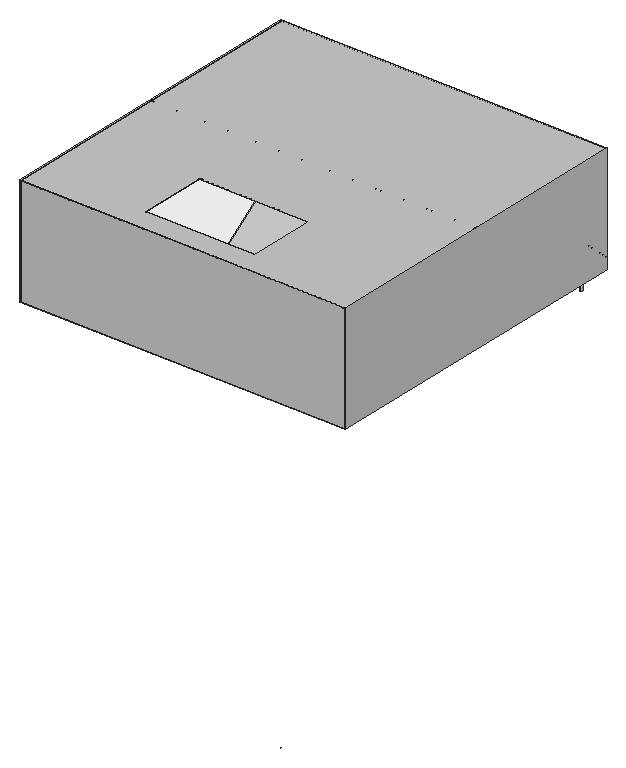
Revit family "QF_ELECTROLUXPROFESSIONAL_640188_EPF1212", category Specialty Equipment, Revit 2014
Reference planes
  plane 1: z = 0
  plane 2 "Center (Left/Right)": x = 150
  plane 3 "LEFT": x = -450
  plane 4 "RIGHT": x = 750
  plane 5 "BACK": y = 550
  plane 6 "TOP": z = 2400
  plane 7 "Base": z = 2000
  plane 8: z = 1970
  plane 9 "DrainY": y = 450
  plane 10: x = -447
  plane 11: y = -320
  plane 12: y = -570
  plane 13 "DrainX": x = 737
  plane 14 "AOLeft": x = -50
  plane 15 "AORight": x = 350
  plane 16: x = 747
  plane 17: x = -250
  plane 18: x = 550
  plane 19 "Center (Front/Back)": y = -50
  plane 20 "Front": y = -650
  plane 21: through (0, -49.6, 2399.19) normal (0, -0.5736, 0.8192)
  plane 22: x = 50
  plane 23: x = 250
Forms (mm)
  Extrusion 1, solid, material "QF_Finishes_Stainless Steel"
    sketch origin (-450, 0, 360) x (0, 1, 0) y (0, 0, 1)
      loop
        line (550, 1640) -> (550, 2040) -> (-650, 2040) -> (-650, 1640) -> (550, 1640)
    from 0 to 3
  Extrusion 2, solid, material "QF_Finishes_Stainless Steel"
    sketch origin (750, 0, 360) x (0, 1, 0) y (0, 0, 1)
      loop
        line (550, 1640) -> (550, 2040) -> (-650, 2040) -> (-650, 1640) -> (550, 1640)
    from 0 to -3
  Extrusion 3, solid, material "QF_Finishes_Stainless Steel"
    sketch origin (150, 0, 360) x (0, 1, 0) y (0, 0, 1)
      loop
        line (-650, 2040) -> (-650, 1640) -> (-640, 1640) -> (-640, 1640.8) -> (-649.2, 1640.8) -> (-649.2, 2039.19) -> (549.2, 2039.19) -> (549.2, 1640.8) -> (540, 1640.8) -> (540, 1640) -> (550, 1640) -> (550, 2040) -> (-650, 2040)
    from -600 to 600
  Extrusion 4, solid, material "QF_Finishes_Stainless Steel"
    sketch origin (0, 0, 2000) x (0, 1, 0) y (-1, 0, 0)
      loop
        circle (450, -737) r 4.763
    from -30 to 0
  Extrusion 5, void
    sketch origin (0, 0, 2400) x (0, 1, 0) y (-1, 0, 0)
      loop
        line (-320, -350) -> (-320, 50) -> (-570, 50) -> (-570, -350) -> (-320, -350)
    from 0 to -10
  Extrusion 6, solid, material "QF_Finishes_Stainless Steel"
    sketch origin (0, 0, 0) x (1, 0, 0) y (0, 1, 0)
      loop
        line (-450, 550) -> (-450, 549) -> (-449, 549) -> (-449, 550) -> (-450, 550)
    from 0 to 1
  Extrusion 7, solid, material "QF_Finishes_Stainless Steel"
    sketch origin (150, 0, 360) x (0, 1, 0) y (0, 0, 1)
      loop
        line (-131.515, 1981.832) -> (-134.381, 1985.926) -> (-573.276, 1678.608) -> (-570.553, 1674.415) -> (-131.515, 1981.832)
    from -400 to -597
  Extrusion 8, solid, material "QF_Finishes_Stainless Steel"
    sketch origin (150, 0, 360) x (0, 1, 0) y (0, 0, 1)
      loop
        line (-650, 2039.19) -> (-650, 1640) -> (-619.702, 1640) -> (-570.553, 1674.415) -> (-578.723, 1686.995) -> (-579.394, 1686.559) -> (-571.645, 1674.627) -> (-619.955, 1640.8) -> (-649.2, 1640.8) -> (-649.2, 2039.19) -> (-650, 2039.19)
      loop
        line (-49.6, 2039.19) -> (-50.995, 2039.19) -> (-131.319, 1982.947) -> (-139.464, 1994.578) -> (-140.119, 1994.12) -> (-131.515, 1981.832) -> (-49.6, 2039.19)
    from -597 to 597
  Extrusion 9, solid, material "QF_Finishes_Stainless Steel"
    sketch origin (150, 0, 360) x (0, 1, 0) y (0, 0, 1)
      loop
        line (-131.515, 1981.832) -> (-134.381, 1985.926) -> (-573.276, 1678.608) -> (-570.553, 1674.415) -> (-131.515, 1981.832)
    from 597 to 400
  Extrusion 10, solid, material "QF_Finishes_Stainless Steel"
    sketch origin (150, 0, 360) x (0, 1, 0) y (0, 0, 1)
      loop
        line (-131.515, 1981.832) -> (-134.381, 1985.926) -> (-573.276, 1678.608) -> (-570.553, 1674.415) -> (-131.515, 1981.832)
    from -100 to 100
  Extrusion 11, solid, material "QF_Finished_Chrome"
    sketch origin (150, 0, 360) x (0, 1, 0) y (0, 0, 1)
      loop
        line (-131.515, 1981.832) -> (-134.381, 1985.926) -> (-573.276, 1678.608) -> (-570.553, 1674.415) -> (-131.515, 1981.832)
    from -400 to -100
  Extrusion 12, solid, material "QF_Finished_Chrome"
    sketch origin (150, 0, 360) x (0, 1, 0) y (0, 0, 1)
      loop
        line (-131.515, 1981.832) -> (-134.381, 1985.926) -> (-573.276, 1678.608) -> (-570.553, 1674.415) -> (-131.515, 1981.832)
    from 100 to 400
  Sweep 13, solid, material "QF_Finishes_Stainless Steel"
    path origin (0, 0, 0) x (1, 0, 0) y (0, 1, 0)
      loop
        line (750, 550) -> (-450, 550) -> (-450, -650) -> (750, -650) -> (750, 550)
    profile origin (750, -50, 0) x (1, 0, 0) y (0, 0, 1)
      loop
        line (-3, 2000) -> (-3, 2000.8) -> (-19, 2000.8) -> (-19, 2010) -> (-20, 2010) -> (-20, 2000) -> (-3, 2000)
  Extrusion 14, solid, material "QF_Finishes_Stainless Steel"
    sketch origin (150, 0, 0) x (0, 1, 0) y (0, 0, 1)
      loop
        line (549.2, 2040.8) -> (549.2, 2041.877) -> (289.521, 2275.693) -> (-43.438, 2399.19) -> (-45.739, 2399.19) -> (289.099, 2274.996) -> (549.2, 2040.8)
    from -597 to 597
Cuts and joins
  Extrusion 5 cuts Extrusion 3
  joined: Extrusion 2, Extrusion 3, Sweep 13
Lines and regions (mm)
  symbolic lines, style "SpecialityEquipment", detail levels coarse
    curve 1: line (750, 550, 2400) -> (-450, 550, 2400)
    curve 2: line (-450, 550, 2400) -> (-450, -650.8, 2400)
    curve 3: line (750, -650.8, 2400) -> (750, 550, 2400)
    curve 4: line (-450, -650.8, 2400) -> (750, -650.8, 2400)
    curve 5: line (350, -570, 2400) -> (-50, -570, 2400)
    curve 6: line (350, -320, 2400) -> (350, -570, 2400)
    curve 7: line (-50, -320, 2400) -> (350, -320, 2400)
    curve 8: line (-50, -570, 2400) -> (-50, -320, 2400)
    curve 9: line (-450, 550, 0) -> (750, -650, 0)
    curve 10: line (750, 550, 0) -> (-450, -650, 0)
Dimensions and locks
  plane 3 "LEFT" to plane 4 "RIGHT" = 1200 mm
  equal spacing: plane 3 "LEFT", plane 2 "Center (Left/Right)", plane 4 "RIGHT"
  plane 7 "Base" to plane 8 = 30 mm
  plane 5 "BACK" to plane 9 "DrainY" = 100 mm  (x2)
  plane 3 "LEFT" to plane 10 = 3 mm
  plane 13 "DrainX" to plane 4 "RIGHT" = 13 mm
  plane 16 to plane 4 "RIGHT" = 3 mm
  plane 3 "LEFT" to plane 17 = 200 mm
  plane 18 to plane 4 "RIGHT" = 200 mm
  locked: plane 14 "AOLeft" to plane 15 "AORight" at 400
  equal spacing: plane 14 "AOLeft", plane 2 "Center (Left/Right)", plane 15 "AORight"
  locked: plane 7 "Base" to level at 2000
  locked: plane 6 "TOP" to plane 7 "Base" at 400
  plane 5 "BACK" to plane 20 "Front" = 1200 mm  (x2)
  equal spacing: plane 5 "BACK", plane 19 "Center (Front/Back)", plane 20 "Front"
  locked: plane 22 to plane 23 at 200
  equal spacing: plane 22, plane 2 "Center (Left/Right)", plane 23
  plane 12 to plane 20 "Front" = 80 mm
  locked: plane 11 to plane 12 at 250
  aligned and locked: level to plane 1
  aligned and locked: plane 4 "RIGHT" to Extrusion 3
  aligned and locked: Extrusion 3 to plane 3 "LEFT"
  aligned and locked: Extrusion 5 to plane 14 "AOLeft"
  aligned and locked: Extrusion 5 to plane 12
  aligned and locked: Extrusion 5 to plane 11
  aligned and locked: Extrusion 7 to plane 10
  aligned and locked: Extrusion 7 to plane 17
  aligned and locked: Extrusion 2 to plane 16
  aligned and locked: Extrusion 5 to plane 15 "AORight"
  aligned and locked: plane 15 "AORight" to curve 6
  aligned and locked: plane 16 to Extrusion 9
  aligned and locked: plane 18 to Extrusion 9
  aligned and locked: plane 23 to Extrusion 10
  aligned and locked: Extrusion 10 to plane 22
  aligned and locked: plane 22 to Extrusion 11
  aligned and locked: Extrusion 11 to plane 17
  aligned and locked: Extrusion 12 to plane 23
  aligned and locked: Extrusion 12 to plane 18
  aligned and locked: Extrusion 14 to plane 10
  aligned and locked: plane 16 to Extrusion 14
  aligned and locked: Extrusion 8 to plane 10
  aligned and locked: plane 16 to Extrusion 8
Automatic sketch dimensions
  curve 4 to plane 4 "RIGHT" = 0 mm
  curve 2 to plane 3 "LEFT" = 0 mm
  curve 5 to plane 12 = 0 mm
  plane 11 to curve 7 = 0 mm
  curve 2 to plane 5 "BACK" = 0 mm
  curve 5 to plane 14 "AOLeft" = 0 mm
  curve 4 to plane 20 "Front" = 0.8 mm
  Extrusion 1 sketch curve to plane 7 "Base" = 0 mm
  Extrusion 1 sketch curve to plane 20 "Front" = 0 mm
  Extrusion 1 sketch curve to plane 5 "BACK" = 0 mm
  Extrusion 1 sketch curve to plane 6 "TOP" = 0 mm
  Extrusion 2 sketch curve to plane 7 "Base" = 0 mm
  Extrusion 2 sketch curve to plane 20 "Front" = 0 mm
  Extrusion 2 sketch curve to plane 5 "BACK" = 0 mm
  Extrusion 2 sketch curve to plane 6 "TOP" = 0 mm
  Extrusion 3 sketch curve to plane 6 "TOP" = 0 mm
  Extrusion 3 sketch curve to plane 20 "Front" = 0 mm
  Extrusion 3 sketch curve to plane 7 "Base" = 0 mm  (x2)
  Extrusion 3 sketch curve to plane 5 "BACK" = 0 mm
  plane 20 "Front" to Extrusion 3 sketch curve = 0.8 mm
  Extrusion 3 sketch curve to Extrusion 3 sketch curve = 9.2 mm
  plane 7 "Base" to Extrusion 3 sketch curve = 0.8 mm  (x2)
  Extrusion 3 sketch curve to plane 5 "BACK" = 10 mm
  Extrusion 3 sketch curve to plane 5 "BACK" = 0.8 mm
  Extrusion 3 sketch curve to plane 6 "TOP" = 0.81 mm
  Extrusion 4 sketch curve to plane 9 "DrainY" = 0 mm
  Extrusion 4 sketch curve to plane 13 "DrainX" = 0 mm
  Extrusion 5 sketch curve to plane 12 = 0 mm
  plane 11 to Extrusion 5 sketch curve = 0 mm
  Extrusion 5 sketch curve to plane 15 "AORight" = 0 mm
  Extrusion 5 sketch curve to plane 14 "AOLeft" = 0 mm
  Extrusion 6 sketch curve to plane 3 "LEFT" = 0 mm
  Extrusion 6 sketch curve to plane 5 "BACK" = 0 mm
  plane 3 "LEFT" to Extrusion 6 sketch curve = 1 mm
  Extrusion 6 sketch curve to Extrusion 6 sketch curve = 1 mm
  Extrusion 7 sketch curve to plane 21 = 0 mm  (x2)
  plane 20 "Front" to Extrusion 7 sketch curve = 76.724 mm
  plane 7 "Base" to Extrusion 7 sketch curve = 34.415 mm
  Extrusion 7 sketch curve to plane 6 "TOP" = 54.074 mm
  Extrusion 7 sketch curve to plane 19 "Center (Front/Back)" = 84.381 mm
  Extrusion 8 sketch curve to plane 20 "Front" = 0 mm
  Extrusion 8 sketch curve to plane 7 "Base" = 0 mm
  Extrusion 8 sketch curve to plane 21 = 0 mm  (x4)
  plane 20 "Front" to Extrusion 8 sketch curve = 0.8 mm
  Extrusion 8 sketch curve to Extrusion 8 sketch curve = 0.252 mm
  Extrusion 8 sketch curve to Extrusion 8 sketch curve = 40.561 mm
  plane 7 "Base" to Extrusion 8 sketch curve = 46.995 mm
  Extrusion 8 sketch curve to Extrusion 8 sketch curve = 0.671 mm
  plane 7 "Base" to Extrusion 8 sketch curve = 34.627 mm
  Extrusion 8 sketch curve to Extrusion 8 sketch curve = 7.749 mm
  Extrusion 8 sketch curve to plane 6 "TOP" = 45.88 mm
  Extrusion 8 sketch curve to plane 19 "Center (Front/Back)" = 90.119 mm
  Extrusion 8 sketch curve to plane 6 "TOP" = 45.422 mm
  Extrusion 8 sketch curve to plane 6 "TOP" = 57.053 mm
  Extrusion 8 sketch curve to plane 6 "TOP" = 0.81 mm  (x2)
  plane 7 "Base" to Extrusion 8 sketch curve = 0.8 mm
  Extrusion 9 sketch curve to plane 21 = 0 mm  (x2)
  plane 20 "Front" to Extrusion 9 sketch curve = 76.724 mm
  plane 7 "Base" to Extrusion 9 sketch curve = 34.415 mm
  Extrusion 9 sketch curve to plane 6 "TOP" = 54.074 mm
  Extrusion 9 sketch curve to plane 19 "Center (Front/Back)" = 84.381 mm
  Extrusion 10 sketch curve to plane 21 = 0 mm  (x2)
  plane 20 "Front" to Extrusion 10 sketch curve = 76.724 mm
  plane 7 "Base" to Extrusion 10 sketch curve = 34.415 mm
  Extrusion 10 sketch curve to plane 6 "TOP" = 54.074 mm
  Extrusion 10 sketch curve to plane 19 "Center (Front/Back)" = 84.381 mm
  Extrusion 11 sketch curve to plane 21 = 0 mm  (x2)
  plane 20 "Front" to Extrusion 11 sketch curve = 76.724 mm
  plane 7 "Base" to Extrusion 11 sketch curve = 34.415 mm
  Extrusion 11 sketch curve to plane 6 "TOP" = 54.074 mm
  Extrusion 11 sketch curve to plane 19 "Center (Front/Back)" = 84.381 mm
  Extrusion 12 sketch curve to plane 21 = 0 mm  (x2)
  plane 20 "Front" to Extrusion 12 sketch curve = 76.724 mm
  plane 7 "Base" to Extrusion 12 sketch curve = 34.415 mm
  Extrusion 12 sketch curve to plane 6 "TOP" = 54.074 mm
  Extrusion 12 sketch curve to plane 19 "Center (Front/Back)" = 84.381 mm
  Sweep 13 sketch curve to plane 3 "LEFT" = 0 mm
  Sweep 13 sketch curve to plane 4 "RIGHT" = 0 mm
  Sweep 13 sketch curve to plane 20 "Front" = 0 mm
  Sweep 13 sketch curve to plane 5 "BACK" = 0 mm
  profile plane to Sweep 13 sketch curve = 20 mm
  Sweep 13 sketch curve to Sweep 13 sketch curve = 1 mm
  profile plane to Sweep 13 sketch curve = 3 mm
  level to Sweep 13 sketch curve = 2000 mm
  Sweep 13 sketch curve to Sweep 13 sketch curve = 0.8 mm
  Sweep 13 sketch curve to Sweep 13 sketch curve = 9.2 mm
  Extrusion 14 sketch curve to plane 9 "DrainY" = 160.901 mm
  Extrusion 14 sketch curve to Extrusion 14 sketch curve = 0.422 mm
  Extrusion 14 sketch curve to plane 5 "BACK" = 0.8 mm
  plane 7 "Base" to Extrusion 14 sketch curve = 40.8 mm
  Extrusion 14 sketch curve to Extrusion 14 sketch curve = 1.077 mm
  Extrusion 14 sketch curve to plane 6 "TOP" = 125.004 mm
  Extrusion 14 sketch curve to Extrusion 14 sketch curve = 0.697 mm
  Extrusion 14 sketch curve to plane 6 "TOP" = 0.81 mm
  plane 19 "Center (Front/Back)" to Extrusion 14 sketch curve = 6.562 mm
  Extrusion 14 sketch curve to Extrusion 14 sketch curve = 2.3 mm
  Extrusion 14 sketch curve to Extrusion 14 sketch curve = 0 mm
  curve 10 to plane 3 "LEFT" = 0 mm
  curve 9 to plane 3 "LEFT" = 0 mm
  curve 10 to plane 4 "RIGHT" = 0 mm
  curve 9 to plane 4 "RIGHT" = 0 mm
  curve 9 to plane 20 "Front" = 0 mm
  curve 10 to plane 20 "Front" = 0 mm
  curve 10 to plane 5 "BACK" = 0 mm
  curve 9 to plane 5 "BACK" = 0 mm
  radius of Extrusion 4 sketch curve = 4.763 mm
Connectors
  piping at (737, 450, 1970), diameter 9.5
    settings: on Extrusion 4, index 1, connector inside diameter 609.6 mm, connector length 0 mm, flow factor 0, pipe flow 0.0 L/s, pressure drop 0.0 Pa, fitting loss kfactor 0, connector angle 0.00°, fixture units 0, engagement length 0 mm, angle of deflection 0.00°, flow configuration 1, flow direction 2, fitting loss method 0, system type 16, joint type 0, gender type 0, connector reference index -1, connector utility 0, adjustable connector no, is connector primary yes, connector description "Drain"
  hvac at (150, -445, 2400)
    settings: on Extrusion 5, index 2, duct flow 0.0 L/s, flow factor 0, pres drop 0.0 Pa, loss coef 0, conn angle 0.00°, conn width 250 mm, conn height 400 mm, conn diameter 609.6 mm, duct sys type 3, conn prof type 1, flow config 1, flow direction 0, loss method 0, conn ref index -1, conn util no, is conn primary yes, conn desc "EXHAUST OUTLET"
